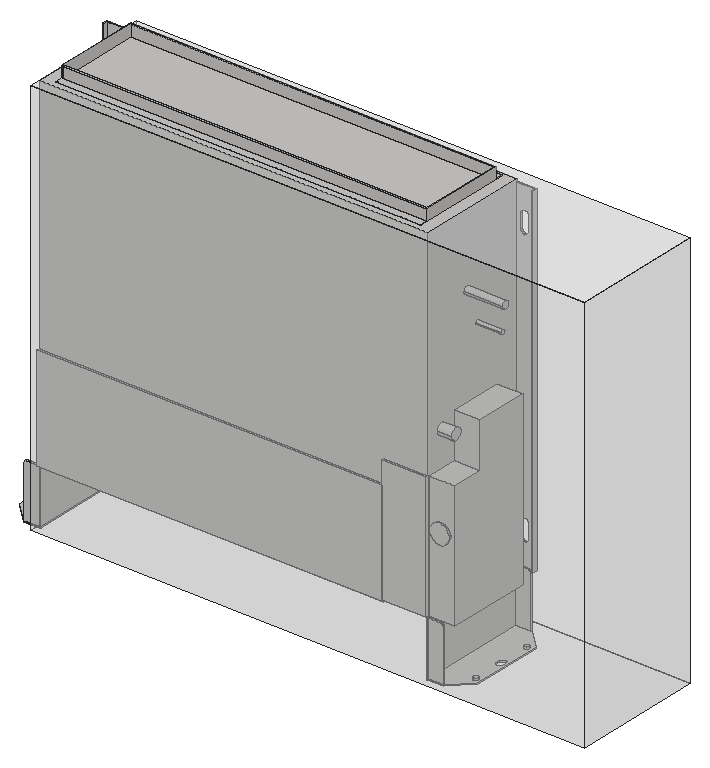
Revit family "outputfile", category 機械設備, Revit 2024
Family settings
  丸型コネクタ寸法 = 半径を使用
  パーツ タイプ = 標準
  OmniClass 番号 = 23.75.10.24.21.27.27
  OmniClass タイトル = Split System Air Conditioning Units
  作業面ベース = いいえ
  常に垂直 = はい
  ロード時にボイドで切り取り = いいえ
  注釈の向きを維持 = いいえ
  共有 = いいえ
  部屋計算ポイント = いいえ
Parameters (values of type "FXNQ32A2VEB")
  Description = ""
  製造元 = "Daikin"
  書き出し IFC クラス(タイプ) = "IfcUnitaryEquipmentType"
  定義済み IFC タイプ(タイプ) = "AIRCONDITIONINGUNIT"
  Cost = 0
  モデル = "FXNQ32A2VEB"
  Type Comments = ""
  Keynote = ""
  Type Image = (empty or 0)
  Assembly Code = ""
  w_hangerfixture = 0.0 mm
  w_dischargeflange = 662.0 mm
  r_Liquid Pipe Size = Liquid Pipe Size / 2  # 3.2 mm
  r_Gas Pipe Size = Gas Pipe Size / 2  # 6.35 mm
  w_mounting foot = 830.0 mm
  r_Drain Pipe Size = Drain Pipe Size / 2  # 10.0 mm
  h_mountinghole = [h***] + 1.6 mm  # 1.6 mm
  lh_liquidpipe = 193.0 mm
  lh_gaspipe = 130.0 mm
  lh_drainpipe = 330.0 mm
  lh_antena = 725.8 mm  # constant formula
  ld_liquidpipe = 90.0 mm
  ld_gaspipe = 114.0 mm
  ld_drainpipe = 171.0 mm
  h*** = 0.0 mm  # constant formula
  w_front suction = 601.0 mm
  d_pipe_2 = 27.3 mm  # constant formula
  d_pipe_1 = 47.6 mm  # constant formula
  d_pipe = 71.2 mm  # constant formula
  Width = 704.8 mm
  Voltage_comment_60Hz = "220"
  Voltage_comment_50Hz = "220-240"
  Voltage_60Hz = 220 V
  Voltage_50Hz = 220 V
  Version = "ver.1.0"
  Unit Type = "Concealed Floor Standing Type"
  Unit Mass Weight = 23.50 kg
  Unit Designation [instance] = ""
  Uniclass2015Version = "Products v1.30"
  Uniclass2015Title = "Variable refrigerant flow units"
  Uniclass2015Code = "Pr_70_65_03_94"
  URL = ""
  Total Heating Capacity [instance] = 0.000 kW
  Total Cooling Capacity [instance] = 0.000 kW
  Sound Pressure Level_M speed (dBA) = 0
  Sound Pressure Level_L speed (dBA) = 27
  Sound Pressure Level_H speed (dBA) = 30
  Series = "VRV Fan Coil Unit"
  Sensible Cooling Capacity [instance] = 0.000 kW
  SA Duct Size Width = 660.0 mm
  SA Duct Size Height = 154.0 mm
  Refrigerant Type = "R410A"
  Power Input (Heating) = 0.068 kW
  Power Input (Cooling) = 0.071 kW
  Phase_60Hz = 1
  Phase_50Hz = 1
  Option Accessory 3 [instance] = ""
  Option Accessory 2 [instance] = ""
  Option Accessory 1 [instance] = ""
  Nominal Heating Capacity = 4.000 kW
  Nominal Cooling Capacity = 3.600 kW
  Minimum External Static Pressure = 0.00 Pa
  Minimum Circuit Amps_60Hz = 0.4 A
  Minimum Circuit Amps_50Hz = 0.4 A
  Minimum Airflow = 384.00 m³/h
  Median Airflow = 432.00 m³/h
  Maximum Fuse Amps_60Hz = 16.0 A
  Maximum Fuse Amps_50Hz = 16.0 A
  Maximum External Static Pressure = 42.00 Pa
  Maximum Airflow = 480.00 m³/h
  Material_Casing = DAIKIN_GalvanizedSteel_Casing_indoorunit
  Load Classification = HVAC
  Liquid Pipe Size = 6.4 mm
  Link_Nested Family [instance] = ""
  IfcVersion = "0"
  IfcExportType = "AIRCONDITIONINGUNIT"
  IfcExportAs = "IfcUnitaryEquipmentType"
  Height = 623.4 mm
  Heating Entering Wet Bulb Temperature [instance] = 0.00 °C
  Heating Entering Dry Bulb Temperature [instance] = 0.00 °C
  Heating Ambient Wet Bulb Temperature [instance] = 0.00 °C
  Heating Ambient Dry Bulb Temperature [instance] = 0.00 °C
  Heat Exchanger Type = "Cross Fin Coil"
  Gas Pipe Size = 12.7 mm
  Frequency_60Hz = 60 Hz
  Frequency_50Hz = 50 Hz
  Fan Type = "Sirocco Fan"
  Fan Drive = "Direct Drive"
  FCU Tag No. [instance] = ""
  Drain Pipe Size = 20.0 mm
  Design Supply Airflow [instance] = 0.00 m³/h
  Design External Static Pressure [instance] = 0.00 Pa
  Depth = 200.0 mm
  既定の高さ = 0.0 mm
  Cooling Entering Wet Bulb Temperature [instance] = 0.00 °C
  Cooling Entering Dry Bulb Temperature [instance] = 0.00 °C
  Cooling Ambient Wet Bulb Temperature [instance] = 0.00 °C
  Cooling Ambient Dry Bulb Temperature [instance] = 0.00 °C
  Clearance visibility [instance] = yes
  Clearance Top = 0.0 mm
  Clearance Right = 300.0 mm
  Clearance Rear = 20.0 mm
  Clearance Left = 0.0 mm
  Clearance Front = 20.0 mm
  Clearance Bottom = 100.0 mm
Reference planes
  plane 1 "Back": y = 0
  plane 2: z = 0
  plane 3 "Center (Left/Right)": x = 0
  plane 4 "Center (Front/Back)": y = -100
  plane 5 "Front": y = -200
  plane 6 "Left": x = -352.4
  plane 7 "Right": x = 352.4
  plane 8 "Top": z = 726.4
  plane 9: z = 103
  plane 10 "lh_liquidpipe": z = 533.4
  plane 11 "ld_liquidpipe": y = -90
  plane 12 "ld_gaspipe": y = -114
  plane 13 "lh_gaspipe": z = 596.4
  plane 14 "lh_drainpipe": z = 396.4
  plane 15 "ld_drainpipe": y = -171
  plane 16: x = 400
  plane 17: x = 423.6
  plane 18: x = -340
  plane 19: x = 261
  plane 20: z = 111.4
  plane 21: z = 290.8
  plane 22 "lw_powersupply": x = 376.2
  plane 23 "ld_powersupply": y = -150
  plane 24: y = -10
  plane 25: y = -190
  plane 26: x = 415
  plane 27: x = -415
  plane 28: x = 379.7
  plane 29: x = -390
  plane 30: x = 390
  plane 31: z = 723
  plane 32: z = 747.6
  plane 33: z = 726.4
  plane 34: z = 3
  plane 35: x = -352.4
  plane 36: x = 652.4
  plane 37: y = -220
  plane 38: y = 20
  plane 39: x = -405
  plane 40: x = 405
  plane 41: y = -97.5
  plane 42 "Bottom": z = 0
Forms (mm)
  Extrusion 1, solid, material "DAIKIN_GalvanizedSteel_Casing_indoorunit" <- "Material_Casing"
    sketch origin (0, 0, 0) x (1, 0, 0) y (0, 1, 0)
      loop
        line (-352.4, 0) -> (-352.4, -200) -> (352.4, -200) -> (352.4, 0) -> (-352.4, 0)
    from 103 to 726.4
  Extrusion 2, solid, material "DAIKIN_GalvanizedSteel_Casing_indoorunit" <- "Material_Casing"
    sketch origin (352.4, 0, 0) x (0, -1, 0) y (0, 0, -1)
      loop
        circle (90, -533.4) r 3.2
    from 0 to 47.6
  Extrusion 3, solid, material "DAIKIN_GalvanizedSteel_Casing_indoorunit" <- "Material_Casing"
    sketch origin (352.4, 0, 0) x (0, -1, 0) y (0, 0, -1)
      loop
        circle (114, -596.4) r 6.35
    from 0 to 71.2
  Extrusion 4, solid, material "DAIKIN_GalvanizedSteel_Casing_indoorunit" <- "Material_Casing"
    sketch origin (0, -200, 0) x (-1, 0, 0) y (0, 0, 1)
      loop
        line (352.4, 290.8) -> (-271.8, 290.8) -> (-271.8, 103) -> (352.4, 103) -> (352.4, 290.8)
    from 0 to -5
  Extrusion 5, solid, material "DAIKIN_GalvanizedSteel_Casing_indoorunit" <- "Material_Casing"
    sketch origin (352.4, 0, 0) x (0, 1, 0) y (0, 0, 1)
      loop
        line (-198.4, 103.6) -> (-46, 103.6) -> (-46, 413.6) -> (-142.2, 413.6) -> (-142.2, 331.6) -> (-198.4, 331.6) -> (-198.4, 103.6)
    from 0 to 47.6
  Extrusion 6, solid, material "DAIKIN_GalvanizedSteel_Casing_indoorunit" <- "Material_Casing"
    sketch origin (0, 0, 103) x (-1, 0, 0) y (0, -1, 0)
      loop
        line (352.4, 0) -> (352.4, 200) -> (-271.8, 200) -> (-271.8, 0) -> (352.4, 0)
    from 0 to -5
  Extrusion 7, solid, material "DAIKIN_GalvanizedSteel_Casing_indoorunit" <- "Material_Casing"
    sketch origin (352.4, 0, 0) x (0, 1, 0) y (0, 0, 1)
      loop
        circle (-171, 396.4) r 10
    from 0 to 27.3
  Extrusion 8, solid, material "DAIKIN_GalvanizedSteel_Casing_indoorunit" <- "Material_Casing"
    sketch origin (0, 0, 103) x (-1, 0, 0) y (0, -1, 0)
      loop
        line (352.4, 0) -> (390, 0) -> (390, 10) -> (387.7, 10) -> (387.7, 2.3) -> (352.4, 2.3) -> (352.4, 0)
    from 0 to 620
  Extrusion 9, solid, material "DAIKIN_GalvanizedSteel_Casing_indoorunit" <- "Material_Casing"
    sketch origin (0, 0, 103) x (1, 0, 0) y (0, 1, 0)
      loop
        line (352.4, 0) -> (352.4, -2.3) -> (387.7, -2.3) -> (387.7, -10) -> (390, -10) -> (390, 0) -> (352.4, 0)
    from 0 to 620
  Extrusion 10, void
    sketch origin (-352.4, -2.3, 103) x (1, 0, 0) y (0, 0, -1)
      loop
        line (-24.6, -547) -> (-24.6, -573)
        arc (-24.6, -573) -> (-17.6, -580) -> (-10.6, -573) r 7
        line (-10.6, -573) -> (-10.6, -547)
        arc (-10.6, -547) -> (-17.6, -540) -> (-24.6, -547) r 7
      loop
        arc (729.4, -547) -> (722.4, -540) -> (715.4, -547) r 7
        line (715.4, -547) -> (715.4, -573)
        arc (715.4, -573) -> (722.4, -580) -> (729.4, -573) r 7
        line (729.4, -573) -> (729.4, -547)
      loop
        line (-24.6, -47) -> (-24.6, -73)
        arc (-24.6, -73) -> (-17.6, -80) -> (-10.6, -73) r 7
        line (-10.6, -73) -> (-10.6, -47)
        arc (-10.6, -47) -> (-17.6, -40) -> (-24.6, -47) r 7
      loop
        arc (729.4, -47) -> (722.4, -40) -> (715.4, -47) r 7
        line (715.4, -47) -> (715.4, -73)
        arc (715.4, -73) -> (722.4, -80) -> (729.4, -73) r 7
        line (729.4, -73) -> (729.4, -47)
    from 0 to 250
  Extrusion 11, solid, material "DAIKIN_GalvanizedSteel_Casing_indoorunit" <- "Material_Casing"
    sketch origin (352.4, -200, 0) x (-1, 0, 0) y (0, 0, -1)
      loop
        line (80.6, -331.6) -> (80.6, -104.6) -> (0, -104.6) -> (0, -331.6) -> (80.6, -331.6)
    from 0 to 5
  Extrusion 12, solid, material "DAIKIN_GalvanizedSteel_Casing_indoorunit" <- "Material_Casing"
    sketch origin (352.4, -198.4, 331.6) x (0, 0, -1) y (1, 0, 0)
      loop
        circle (86.6, 21.8) r 17.5
    from 0 to 2.6
Cuts and joins
  Extrusion 10 cuts Extrusion 8
  Extrusion 10 cuts Extrusion 9
Dimensions and locks
  "Height": plane 8 "Top" to plane 9
  "Depth": plane 1 "Back" to plane 5 "Front"
  equal spacing: plane 5 "Front", plane 4 "Center (Front/Back)", plane 1 "Back"
  "Width": plane 6 "Left" to plane 7 "Right"
  equal spacing: plane 6 "Left", plane 3 "Center (Left/Right)", plane 7 "Right"
  "ld_liquidpipe": plane 11 "ld_liquidpipe" to plane 1 "Back"
  "lh_liquidpipe": plane 8 "Top" to plane 10 "lh_liquidpipe"
  "ld_gaspipe": plane 12 "ld_gaspipe" to plane 1 "Back"
  "lh_gaspipe": plane 8 "Top" to plane 13 "lh_gaspipe"
  "lh_drainpipe": plane 8 "Top" to plane 14 "lh_drainpipe"
  "ld_drainpipe": plane 15 "ld_drainpipe" to plane 1 "Back"
  "d_pipe_1": plane 16 to plane 7 "Right"
  "d_pipe": plane 17 to plane 7 "Right"
  plane 21 to plane 20 to plane 9 = 179.4 mm locked, 8.4 mm locked
  locked: plane 18 to plane 29 at 50
  "w_front suction": plane 19 to plane 18
  locked: Extrusion 5 sketch curve to Extrusion 5 sketch curve at 96.2
  locked: Extrusion 5 sketch curve to Extrusion 5 sketch curve at 310
  locked: Extrusion 5 sketch curve to Extrusion 5 sketch curve at 152.4
  locked: Extrusion 5 sketch curve to Extrusion 5 sketch curve at 228
  locked: Extrusion 5 sketch curve to plane 9 at 0.6
  locked: plane 7 "Right" to plane 22 "lw_powersupply" at 23.8
  locked: plane 23 "ld_powersupply" to plane 5 "Front" at 50
  locked: plane 24 to plane 1 "Back" at 10
  locked: plane 25 to plane 5 "Front" at 10
  equal spacing: plane 26, plane 3 "Center (Left/Right)", plane 27
  "w_mounting foot": plane 26 to plane 27
  locked: Extrusion 5 sketch curve to plane 1 "Back" at 46
  "d_pipe_2": plane 28 to plane 7 "Right"
  locked: plane 30 to plane 7 "Right" at 37.6
  locked: plane 6 "Left" to plane 29 at 37.6
  locked: Extrusion 10 sketch curve to Extrusion 10 sketch curve at 14  (x6)
  locked: Extrusion 10 sketch curve to Extrusion 10 sketch curve at 26  (x6)
  locked: plane 8 "Top" to plane 31 at 3.4
  locked: cut or joined group of Extrusion 8, Extrusion 10 to Extrusion 10 sketch curve at 17.6
  locked: cut or joined group of Extrusion 8, Extrusion 10 to Extrusion 10 sketch curve at 47
  locked: Extrusion 9 to Extrusion 10 sketch curve at 47
  locked: Extrusion 10 sketch curve to Extrusion 1 at 17.6  (x3)
  locked: Extrusion 10 sketch curve to Extrusion 10 sketch curve at 474  (x2)
  locked: plane 32 to plane 8 "Top" at 21.2
  "Clearance Right": plane 36 to plane 7 "Right"
  "Clearance Left": plane 6 "Left" to plane 35
  "Clearance Bottom": plane 9 to plane 34
  "Clearance Top": plane 33 to plane 8 "Top"
  "Clearance Front": plane 5 "Front" to plane 37
  "Clearance Rear": plane 1 "Back" to plane 38
  locked: plane 27 to plane 39 at 10
  locked: plane 40 to plane 26 at 10
  locked: plane 41 to plane 4 "Center (Front/Back)" at 2.5
  "h***": plane 42 "Bottom" to plane 2
  locked: plane 9 to plane 42 "Bottom" at 103
  locked: Extrusion 11 sketch curve to Extrusion 11 sketch curve at 227
  locked: Extrusion 11 sketch curve to Extrusion 11 sketch curve at 80.6
  locked: Extrusion 11 sketch curve to plane 9 at 1.6
  locked: Extrusion 12 sketch curve to plane 9 at 142
  locked: Extrusion 12 sketch curve to plane 7 "Right" at 21.8
  "Liquid Pipe Size": diameter of Extrusion 2 sketch curve
  "Gas Pipe Size": diameter of Extrusion 3 sketch curve
  "Drain Pipe Size": diameter of Extrusion 7 sketch curve
  aligned and locked: level to plane 2
  aligned and locked: plane 1 "Back" to Extrusion 1 sketch curve
  aligned and locked: plane 6 "Left" to Extrusion 1 sketch curve
  aligned and locked: plane 5 "Front" to Extrusion 1 sketch curve
  aligned and locked: Extrusion 1 sketch curve to plane 7 "Right"
  aligned and locked: plane 8 "Top" to Extrusion 1
  aligned and locked: Extrusion 1 to plane 9
  aligned and locked: plane 9 to nested 1
  aligned and locked: nested 1 to plane 4 "Center (Front/Back)"
  aligned and locked: plane 4 "Center (Front/Back)" to nested 2
  aligned and locked: nested 2 to plane 9
  aligned and locked: plane 11 "ld_liquidpipe" to Extrusion 2 sketch curve
  aligned and locked: plane 10 "lh_liquidpipe" to Extrusion 2 sketch curve
  aligned and locked: plane 16 to Extrusion 2
  aligned and locked: plane 13 "lh_gaspipe" to Extrusion 3 sketch curve
  aligned and locked: plane 12 "ld_gaspipe" to Extrusion 3 sketch curve
  aligned and locked: plane 17 to Extrusion 3
  aligned and locked: plane 21 to Extrusion 4 sketch curve
  aligned and locked: plane 5 "Front" to Extrusion 4
  aligned and locked: plane 22 "lw_powersupply" to nested 3
  aligned and locked: plane 23 "ld_powersupply" to nested 3
  aligned and locked: plane 9 to Extrusion 6
  aligned and locked: nested 1 to plane 26
  aligned and locked: nested 2 to plane 27
  aligned and locked: plane 16 to Extrusion 5
  aligned and locked: Extrusion 5 to nested 3
  aligned and locked: plane 14 "lh_drainpipe" to Extrusion 7 sketch curve
  aligned and locked: plane 15 "ld_drainpipe" to Extrusion 7 sketch curve
  aligned and locked: plane 28 to Extrusion 7
  aligned and locked: nested 4 to plane 12 "ld_gaspipe"
  aligned and locked: nested 4 to Extrusion 3
  aligned and locked: nested 5 to Extrusion 2
  aligned and locked: Extrusion 7 to plane 7 "Right"
  aligned and locked: nested 4 to plane 13 "lh_gaspipe"
  aligned and locked: nested 5 to plane 10 "lh_liquidpipe"
  aligned and locked: nested 6 to plane 15 "ld_drainpipe"
  aligned and locked: plane 28 to nested 6
  aligned and locked: nested 6 to plane 14 "lh_drainpipe"
  aligned and locked: Extrusion 8 to plane 9
  aligned and locked: plane 30 to Extrusion 9
  aligned and locked: Extrusion 9 to plane 7 "Right"
  aligned and locked: Extrusion 8 to plane 29
  aligned and locked: Extrusion 9 to plane 9
  aligned and locked: plane 31 to cut or joined group of Extrusion 8, Extrusion 10
  aligned and locked: plane 31 to Extrusion 9
  aligned and locked: plane 8 "Top" to nested 7
  aligned and locked: nested 7 to plane 32
  aligned and locked: plane 3 "Center (Left/Right)" to nested 7
  aligned and locked: nested 8 to plane 38
  aligned and locked: nested 8 to plane 37
  aligned and locked: plane 33 to nested 8
  aligned and locked: plane 34 to nested 8
  aligned and locked: plane 35 to nested 8
  aligned and locked: plane 36 to nested 8
  aligned and locked: nested 9 to plane 4 "Center (Front/Back)"
  aligned and locked: plane 40 to nested 9
  aligned and locked: nested 10 to plane 4 "Center (Front/Back)"
  aligned and locked: plane 39 to nested 10
  aligned and locked: plane 41 to nested 7
  aligned and locked: Extrusion 11 sketch curve to plane 7 "Right"
  aligned and locked: plane 6 "Left" to Extrusion 4 sketch curve
  aligned and locked: plane 9 to Extrusion 4 sketch curve
  aligned and locked: Extrusion 11 to Extrusion 4 sketch curve
  aligned and locked: plane 1 "Back" to Extrusion 6 sketch curve
  aligned and locked: plane 5 "Front" to Extrusion 6 sketch curve
  aligned and locked: Extrusion 6 to plane 6 "Left"
  aligned and locked: Extrusion 6 to Extrusion 11
Automatic sketch dimensions
  Extrusion 1 sketch curve to plane 5 "Front" = 0.0 mm
  plane 1 "Back" to Extrusion 8 sketch curve = 0.0 mm
  Extrusion 8 sketch curve to plane 6 "Left" = 0.0 mm
  plane 24 to Extrusion 8 sketch curve = 0.0 mm
  Extrusion 8 sketch curve to plane 29 = 0.0 mm
  plane 29 to Extrusion 8 sketch curve = 2.3 mm
  plane 1 "Back" to Extrusion 8 sketch curve = 2.3 mm
  plane 1 "Back" to Extrusion 9 sketch curve = 0.0 mm
  Extrusion 9 sketch curve to plane 7 "Right" = 0.0 mm
  plane 24 to Extrusion 9 sketch curve = 0.0 mm
  Extrusion 9 sketch curve to plane 30 = 0.0 mm
  Extrusion 9 sketch curve to plane 30 = 2.3 mm
  plane 1 "Back" to Extrusion 9 sketch curve = 2.3 mm
  plane 27 to Extrusion 6 sketch curve = 62.6 mm
  Extrusion 6 sketch curve to plane 36 = 380.6 mm
  radius of Extrusion 12 sketch curve = 17.5 mm
Nested families
  nested 1: "daikin_hangerfixture_FXNQ-A2VEB" at (415, -100, 103) x (0, -1, 0) z (0, 0, 1), type "daikin_hangerfixture_FXNQ-A2VEB"
  nested 2: "daikin_hangerfixture_FXNQ-A2VEB" at (-415, -100, 103) x (0, -1, 0) z (0, 0, 1), type "daikin_hangerfixture_FXNQ-A2VEB"
  nested 3: "daikin_connector_rotate2" at (376.2, -150, 153.6) x (1, 0, 0) z (0, -1, 0), type "daikin_connector_rotate2"
    with radius 10.0 mm, length 50.0 mm, angle_vertical 90.00°, show_face no
  nested 4: "daikin_connector_rotate2" at (352.45, -114, 596.4) x (0, 1, 0) z (0, 0, 1), radius <- "r_Gas Pipe Size", type "daikin_connector_rotate2"
    with radius 6.35 mm, length 71.15 mm, angle_vertical 90.00°, show_face no
  nested 5: "daikin_connector_rotate2" at (352.4, -90, 533.4) x (0, 1, 0) z (0, 0, 1), radius <- "r_Liquid Pipe Size", type "daikin_connector_rotate2"
    with radius 3.2 mm, length 47.6 mm, angle_vertical 90.00°, show_face no
  nested 6: "daikin_connector_rotate2" at (352.4, -171, 396.4) x (0, 1, 0) z (0, 0, 1), radius <- "r_Drain Pipe Size", type "daikin_connector_rotate2"
    with radius 10.0 mm, length 27.3 mm, angle_vertical 90.00°, show_face no
  nested 7: "daikin_ductflange_FXNQ-A2VEB" at (0, -189, 726.4) x (1, 0, 0) z (0, 1, 0), width <- "w_dischargeflange", material <- "Material_Casing", type "daikin_ductflange_FXNQ-A2VEB"
    with width 662.0 mm, material DAIKIN_GalvanizedSteel_Casing_indoorunit, height 183.0 mm, depth 21.2 mm
  nested 8: "daikin_clearancespace" at (150, -100, 364.819), visible <- "Clearance visibility", show <- "Clearance visibility", Link_Nested Family <- "Link_Nested Family", type "daikin_clearancespace"
    with width 1004.8 mm, show yes, height 723.4 mm, depth 240.0 mm, Link_Nested Family ""
  nested 9: "daikin_mountinghole" at (405, -100, 0), Link_Nested Family <- "Link_Nested Family", h_mountinghole <- "h_mountinghole", l_antenna <- "lh_antena", type "daikin_mountinghole"
    with show yes, l_antenna 725.8 mm, h_mountinghole 1.6 mm, Link_Nested Family ""
  nested 10: "daikin_mountinghole" at (-405, -100, 0), Link_Nested Family <- "Link_Nested Family", h_mountinghole <- "h_mountinghole", l_antenna <- "lh_antena", type "daikin_mountinghole"
    with show yes, l_antenna 725.8 mm, h_mountinghole 1.6 mm, Link_Nested Family ""
Connectors
  electrical at (376.2, -150, 103.6), driven by "Load Classification"
    settings: on nested 3, index 4, voltage 0 V, apparent load 0 VA, apparent load phase1 0 VA, apparent load phase2 0 VA, apparent load phase3 0 VA, power factor 1, load classification "HVAC", number of poles 1, system type 30, power factor state 1, is connector primary yes, connector utility no, sub classification motor no, connector description "Power Supply"
  piping at (423.6, -114, 596.4), diameter 12.7, driven by "r_Gas Pipe Size"
    settings: on nested 4, index 6, connector inside diameter 609.6 mm, connector length 0.0 mm, flow factor 0, pipe flow 0.00 m³/h, pressure drop 0.0 Pa, fitting loss kfactor 0, connector angle 0.00°, fixture units 0, engagement length 0.0 mm, angle of deflection 0.00°, flow configuration 1, flow direction 2, fitting loss method 0, system type 29, joint type 0, gender type 0, connector reference index -1, connector utility 0, adjustable connector no, is connector primary yes, connector description "Refrigerant Gas Piping"
  piping at (400, -90, 533.4), diameter 6.4, driven by "r_Liquid Pipe Size"
    settings: on nested 5, index 7, connector inside diameter 609.6 mm, connector length 0.0 mm, flow factor 0, pipe flow 0.00 m³/h, pressure drop 0.0 Pa, fitting loss kfactor 0, connector angle 0.00°, fixture units 0, engagement length 0.0 mm, angle of deflection 0.00°, flow configuration 1, flow direction 1, fitting loss method 0, system type 29, joint type 0, gender type 0, connector reference index -1, connector utility 0, adjustable connector no, is connector primary no, connector description "Refrigerant Liquid Piping"
  piping at (379.7, -171, 396.4), diameter 20, driven by "r_Drain Pipe Size"
    settings: on nested 6, index 8, connector inside diameter 609.6 mm, connector length 0.0 mm, flow factor 0, pipe flow 0.00 m³/h, pressure drop 0.0 Pa, fitting loss kfactor 0, connector angle 0.00°, fixture units 0, engagement length 0.0 mm, angle of deflection 0.00°, flow configuration 1, flow direction 2, fitting loss method 4, system type 16, joint type 0, gender type 0, connector reference index -1, connector utility 0, adjustable connector no, is connector primary no, connector description "Condensate Drain Piping"
  hvac at (0, -97.5, 747.6), driven by "SA Duct Size Width", driven by "SA Duct Size Height"
    settings: on nested 7, index 9, duct flow 0.00 m³/h, flow factor 0, pres drop 0.00 Pa, loss coef 0, conn angle 0.00°, conn width 660.0 mm, conn height 154.0 mm, conn diameter 609.6 mm, duct sys type 1, conn prof type 1, flow config 0, flow direction 2, loss method 4, conn ref index -1, conn util no, is conn primary yes, conn desc "SA Duct"
Definition of nested family "daikin_hangerfixture_FXNQ-A2VEB"
  Parameters (values of type "daikin_hangerfixture_FXNQ-A2VEB")
    width = 200.0 mm
    material = none
    height = 103.0 mm
    depth = 84.2 mm
    Default Elevation = 0.0 mm
  Reference planes
    plane 1 "Center (Front/Back)": y = 0
    plane 2: z = 0
    plane 3 "Center (Left/Right)": x = 0
    plane 4: y = -84.2
    plane 5: x = -100
    plane 6: x = 100
    plane 7: z = -103
    plane 8: x = 98.4
    plane 9: x = -98.4
  Forms (mm)
    Extrusion 1, solid, material <- "material"
      sketch origin (0, 0, 0) x (0, 1, 0) y (0, 0, 1)
        loop
          line (-84.2, 0) -> (-84.2, -1.6) -> (-65.2, -1.6) -> (-65.2, -101.4)
          arc (-65.2, -101.4) -> (-64.731, -102.531) -> (-63.6, -103) r 1.6
          line (-63.6, -103) -> (0, -103) -> (0, -101.4) -> (-63.6, -101.4) -> (-63.6, 0) -> (-84.2, 0)
      from -100 to 100
    Extrusion 2, void
      sketch origin (0, 0, -101.4) x (1, 0, 0) y (0, -1, 0)
        loop
          line (-100, 0) -> (-66, 0) -> (-100, 34) -> (-100, 0)
        loop
          line (100, 0) -> (100, 34) -> (66, 0) -> (100, 0)
        loop
          line (-3, 4) -> (3, 4)
          arc (3, 4) -> (9, 10) -> (3, 16) r 6
          line (3, 16) -> (-3, 16)
          arc (-3, 16) -> (-9, 10) -> (-3, 4) r 6
      from 0 to 1.6
    Extrusion 3, solid, material <- "material"
      sketch origin (0, 0, 0) x (0, 1, 0) y (0, 0, 1)
        loop
          line (-63.6, -1.8) -> (-63.6, -101.4) -> (-35, -101.4) -> (-35, -6.8)
          arc (-35, -6.8) -> (-36.464, -3.264) -> (-40, -1.8) r 5
          line (-40, -1.8) -> (-63.6, -1.8)
      from 98.4 to 100
    Extrusion 4, solid, material <- "material"
      sketch origin (-265, -1.4, 0) x (0, 1, 0) y (0, 0, 1)
        loop
          line (-62.2, -1.8) -> (-62.2, -101.4) -> (-33.6, -101.4) -> (-33.6, -7.36)
          arc (-33.6, -7.36) -> (-35.228, -3.428) -> (-39.16, -1.8) r 5.56
          line (-39.16, -1.8) -> (-62.2, -1.8)
      from 165 to 166.6
    Extrusion 5, solid, material <- "material"
      sketch origin (0, 0, -101.4) x (0, -1, 0) y (1, 0, 0)
        loop
          circle (10, -57.85) r 4.1
        loop
          circle (10, 57.85) r 4.1
      from 0 to 2.6
    Extrusion 6, solid, material <- "material"
      sketch origin (0, 0, 0) x (1, 0, 0) y (0, 0, 1)
        loop
          line (-63.4, 25.35) -> (-72.9, 25.35)
          arc (-72.9, 25.35) -> (-76.436, 23.886) -> (-77.9, 20.35) r 5
          line (-77.9, 20.35) -> (-77.9, 0) -> (-58.4, 0) -> (-58.4, 20.35)
          arc (-58.4, 20.35) -> (-59.864, 23.886) -> (-63.4, 25.35) r 5
        loop
          circle (-68.15, 15.6) r 6
      from 63.6 to 65.2
  Cuts and joins
    Extrusion 2 cuts Extrusion 1
  Dimensions and locks
    "width": plane 5 to plane 6
    "depth": plane 4 to plane 1 "Center (Front/Back)"
    equal spacing: plane 5, plane 3 "Center (Left/Right)", plane 6
    "height": level to plane 7
    locked: Extrusion 3 sketch curve to Extrusion 3 sketch curve at 99.6
    locked: Extrusion 3 sketch curve to Extrusion 3 sketch curve at 28.6
    locked: plane 8 to plane 6 at 1.6
    locked: plane 5 to plane 9 at 1.6
    locked: Extrusion 4 sketch curve to Extrusion 4 sketch curve at 99.6
    locked: Extrusion 4 sketch curve to Extrusion 4 sketch curve at 28.6
    locked: Extrusion 5 sketch curve to plane 6 at 42.15
    locked: plane 5 to Extrusion 5 sketch curve at 42.15
    locked: Extrusion 5 sketch curve to plane 1 "Center (Front/Back)" at 10  (x2)
    locked: Extrusion 6 sketch curve to Extrusion 6 sketch curve at 25.35
    locked: Extrusion 6 sketch curve to Extrusion 6 sketch curve at 19.5
    locked: Extrusion 6 sketch curve to plane 5 at 22.1
    locked: Extrusion 6 sketch curve to Extrusion 6 sketch curve at 9.75
    radius of Extrusion 3 sketch curve = 5.0 mm
    radius of Extrusion 4 sketch curve = 5.56 mm
    radius of Extrusion 5 sketch curve = 4.1 mm  (x2)
    aligned and locked: level to plane 2
    aligned and locked: Extrusion 1 to plane 5
    aligned and locked: plane 6 to Extrusion 1
    aligned and locked: Extrusion 1 to plane 1 "Center (Front/Back)"
    aligned and locked: Extrusion 1 to plane 4
    aligned and locked: cut or joined group of Extrusion 1, Extrusion 2 to Extrusion 3 sketch curve  (x2)
    aligned and locked: plane 6 to Extrusion 3
    aligned and locked: Extrusion 3 to plane 8
    aligned and locked: Extrusion 4 to plane 5
    aligned and locked: plane 9 to Extrusion 4
    aligned and locked: Extrusion 4 to cut or joined group of Extrusion 1, Extrusion 2
    aligned and locked: level to Extrusion 6 sketch curve
    aligned and locked: cut or joined group of Extrusion 1, Extrusion 2 to Extrusion 6  (x2)
  Automatic sketch dimensions
    Extrusion 1 sketch curve to plane 4 = 0.0 mm
    Extrusion 1 sketch curve to plane 7 = 0.0 mm
    Extrusion 1 sketch curve to plane 1 "Center (Front/Back)" = 0.0 mm
    Extrusion 1 sketch curve to Extrusion 1 sketch curve = 0.0 mm  (x2)
    Extrusion 2 sketch curve to Extrusion 1 = 0.0 mm  (x2)
    Extrusion 1 to Extrusion 2 sketch curve = 0.0 mm  (x2)
    Extrusion 1 to Extrusion 2 sketch curve = 34.0 mm  (x2)
    Extrusion 1 to Extrusion 2 sketch curve = 10.0 mm
    Extrusion 2 sketch curve to Extrusion 2 sketch curve = 63.0 mm
    Extrusion 2 sketch curve to Extrusion 2 sketch curve = 6.0 mm  (x2)
    Extrusion 2 sketch curve to Extrusion 1 = 29.6 mm  (x2)
    Extrusion 4 sketch curve to level = 1.8 mm
    plane 4 to Extrusion 4 sketch curve = 20.6 mm
    Extrusion 6 sketch curve to Extrusion 6 sketch curve = 5.0 mm  (x2)
    Extrusion 6 sketch curve to Extrusion 6 sketch curve = 4.75 mm
    Extrusion 1 sketch curve to level = 1.6 mm
    plane 4 to Extrusion 1 sketch curve = 19.0 mm
    Extrusion 1 sketch curve to Extrusion 1 sketch curve = 1.6 mm
    Extrusion 1 sketch curve to level = 0.0 mm
    radius of Extrusion 6 sketch curve = 6.0 mm
Definition of nested family "daikin_ductflange_FXNQ-A2VEB"
  Parameters (values of type "daikin_ductflange_Exhaust Duct")
    width [instance] = 662.0 mm
    material [instance] = none
    height [instance] = 183.0 mm
    depth [instance] = 21.2 mm
    Default Elevation = 0.0 mm
  Reference planes
    plane 1 "Center (Front/Back)": y = 0
    plane 2: z = 0
    plane 3 "Center (Left/Right)": x = 0
    plane 4: y = -21.2
    plane 5: x = -331
    plane 6: x = 331
    plane 7 "Top": z = 183
    plane 8: y = -1
    plane 9: z = 168.5
    plane 10: z = 14.5
    plane 11 "Center (Elevation)": z = 91.5
    plane 12: x = -330
    plane 13: x = 330
  Forms (mm)
    Extrusion 1, solid, material <- "material"
      sketch origin (0, 0, 0) x (1, 0, 0) y (0, 0, 1)
        loop
          line (-331, 183) -> (-331, 0) -> (331, 0) -> (331, 183) -> (-331, 183)
        loop
          line (-330, 168.5) -> (-330, 14.5) -> (330, 14.5) -> (330, 168.5) -> (-330, 168.5)
      from 0 to 1
    Extrusion 2, solid, material <- "material"
      sketch origin (0, 0, 0) x (1, 0, 0) y (0, 1, 0)
        loop
          line (-331, -1) -> (-331, -21.2) -> (-330, -21.2) -> (-330, -1) -> (-331, -1)
        loop
          line (330, -1) -> (330, -21.2) -> (331, -21.2) -> (331, -1) -> (330, -1)
      from 14.5 to 168.5
    Extrusion 3, solid, material <- "material"
      sketch origin (0, 0, 0) x (0, 1, 0) y (0, 0, 1)
        loop
          line (-1, 168.5) -> (-1, 169.458) -> (-21.2, 169.458) -> (-21.2, 168.5) -> (-1, 168.5)
        loop
          line (-1, 14.5) -> (-21.2, 14.5) -> (-21.2, 13.542) -> (-1, 13.542) -> (-1, 14.5)
      from -331 to 331
  Cuts and joins
    joined: Extrusion 1, Extrusion 2, Extrusion 3
  Dimensions and locks
    "height": plane 7 "Top" to plane 2
    "width": plane 5 to plane 6
    equal spacing: plane 5, plane 3 "Center (Left/Right)", plane 6
    "depth": plane 1 "Center (Front/Back)" to plane 4
    locked: plane 8 to plane 1 "Center (Front/Back)" at 1
    locked: plane 7 "Top" to plane 9 at 14.5
    locked: plane 10 to plane 2 at 14.5
    equal spacing: plane 7 "Top", plane 11 "Center (Elevation)", plane 2
    locked: Extrusion 3 sketch curve to Extrusion 2 at 0.958  (x2)
    locked: plane 7 "Top" to Extrusion 1 sketch curve at 14.5
    locked: Extrusion 1 sketch curve to plane 2 at 14.5
    locked: plane 12 to plane 5 at 1
    locked: plane 6 to plane 13 at 1
    aligned and locked: level to plane 2
    aligned and locked: Extrusion 1 sketch curve to plane 7 "Top"
    aligned and locked: plane 5 to Extrusion 1 sketch curve
    aligned and locked: Extrusion 1 sketch curve to plane 6
    aligned and locked: plane 2 to Extrusion 1 sketch curve
    aligned and locked: Extrusion 1 to plane 8
    aligned and locked: plane 9 to Extrusion 2
    aligned and locked: Extrusion 2 to plane 10
    aligned and locked: plane 8 to Extrusion 3 sketch curve
    aligned and locked: Extrusion 3 sketch curve to plane 9
    aligned and locked: Extrusion 3 sketch curve to plane 8
    aligned and locked: Extrusion 3 sketch curve to plane 10
    aligned and locked: Extrusion 3 to plane 5
    aligned and locked: plane 6 to Extrusion 3
    aligned and locked: plane 4 to Extrusion 3 sketch curve
    aligned and locked: Extrusion 3 sketch curve to plane 4
    aligned and locked: plane 5 to Extrusion 2 sketch curve
    aligned and locked: Extrusion 2 sketch curve to plane 12
    aligned and locked: Extrusion 2 sketch curve to plane 6
    aligned and locked: plane 13 to Extrusion 2 sketch curve
    aligned and locked: Extrusion 2 sketch curve to plane 8
    aligned and locked: plane 4 to Extrusion 2 sketch curve
    aligned and locked: plane 12 to Extrusion 1 sketch curve
    aligned and locked: Extrusion 1 sketch curve to plane 13
  Automatic sketch dimensions
    Extrusion 2 sketch curve to plane 4 = 0.0 mm
    Extrusion 2 sketch curve to plane 8 = 0.0 mm
Definition of nested family "daikin_clearancespace"
  Parameters (values of type "daikin_clearancespace")
    width [instance] = 1823.963 mm
    show [instance] = yes
    material = none
    height [instance] = 1359.762 mm
    depth [instance] = 880.0 mm
    Default Elevation = 0.0 mm
    Link_Nested Family [instance] = ""
  Reference planes
    plane 1 "Center (Front/Back)": y = 0
    plane 2 "Center (Elevation)": z = -0.119
    plane 3 "Center (Left/Right)": x = 0
    plane 4: y = 440
    plane 5: y = -440
    plane 6 "Right": x = 911.982
    plane 7 "Left": x = -911.982
    plane 8 "Top": z = 679.762
    plane 9 "Bottom": z = -680
  Forms (mm)
    Extrusion 1, solid, material <- "material", visible <- "show"
      sketch origin (0, 0, 0) x (1, 0, 0) y (0, 1, 0)
        loop
          line (-911.982, 440) -> (-911.982, -440) -> (911.982, -440) -> (911.982, 440) -> (-911.982, 440)
      from -680 to 679.762
  Lines and regions (mm)
    symbolic lines, visible <- "show"
      curve 1: line (911.982, 440, 0) -> (-911.982, 440, 0)
      curve 2: line (-911.982, 440, 0) -> (-911.982, -440, 0)
      curve 3: line (-911.982, -440, 0) -> (911.982, -440, 0)
      curve 4: line (911.982, -440, 0) -> (911.982, 440, 0)
      curve 5: line (911.982, 0, 679.762) -> (-911.982, 0, 679.762)
      curve 6: line (911.982, 0, -680) -> (911.982, 0, 679.762)
      curve 7: line (-911.982, 0, -680) -> (911.982, 0, -680)
      curve 8: line (-911.982, 0, 679.762) -> (-911.982, 0, -680)
      curve 9: line (0, 440, 679.762) -> (0, -440, 679.762)
      curve 10: line (0, -440, 679.762) -> (0, -440, -680)
      curve 11: line (0, 440, -680) -> (0, 440, 679.762)
      curve 12: line (0, -440, -680) -> (0, 440, -680)
  Dimensions and locks
    "width": plane 7 "Left" to plane 6 "Right"
    "depth": plane 4 to plane 5
    "height": plane 8 "Top" to plane 9 "Bottom"
    equal spacing: plane 7 "Left", plane 3 "Center (Left/Right)", plane 6 "Right"
    equal spacing: plane 4, plane 1 "Center (Front/Back)", plane 5
    equal spacing: plane 8 "Top", plane 2 "Center (Elevation)", plane 9 "Bottom"
    aligned and locked: level to plane 2 "Center (Elevation)"
    aligned and locked: Extrusion 1 sketch curve to plane 4
    aligned and locked: plane 7 "Left" to Extrusion 1 sketch curve
    aligned and locked: Extrusion 1 sketch curve to plane 5
    aligned and locked: Extrusion 1 sketch curve to plane 6 "Right"
    aligned and locked: plane 8 "Top" to Extrusion 1
    aligned and locked: curve 1 to Extrusion 1
    aligned and locked: curve 2 to Extrusion 1
    aligned and locked: curve 3 to Extrusion 1
    aligned and locked: curve 4 to Extrusion 1
    aligned and locked: curve 5 to Extrusion 1
    aligned and locked: curve 6 to Extrusion 1
    aligned and locked: curve 7 to Extrusion 1
    aligned and locked: curve 8 to Extrusion 1
    aligned and locked: curve 9 to Extrusion 1
    aligned and locked: curve 10 to Extrusion 1
    aligned and locked: curve 11 to Extrusion 1
    aligned and locked: curve 12 to Extrusion 1
    aligned and locked: Extrusion 1 to plane 9 "Bottom"
Definition of nested family "daikin_connector_rotate2"
  Parameters (values of type "daikin_connector_rotate2")
    show_face = yes
    radius [instance] = 10.0 mm
    length [instance] = 600.0 mm
    d_surface = 10.0 mm
    angle_vertical [instance] = 90.00°
    Default Elevation = 0.0 mm
  Reference planes
    plane 1 "Center (Front/Back)": y = 0
    plane 2: z = 0
    plane 3 "Center (Left/Right)": x = 0
  Forms (mm)
    Extrusion 1, solid, visible <- "show_face"
      sketch origin (0, -600, 0) x (1, 0, 0) y (0, 0, 1)
        loop
          circle (0, 0) r 10
      from 0 to -10
  Lines and regions (mm)
    reference lines
      curve 1: line (0, 0, 0) -> (0, -600, 0)
    symbolic lines
      curve 2: circle (0, 0, 0) r 5 normal (0, 0, 1)
    model lines, visible <- "show_face"
      curve 3: line (0, 0, 0) -> (0, -600, 0)
  Dimensions and locks
    "length": curve 1 to curve 1
    "length": curve 3 to curve 3
    "d_surface": Extrusion 1 to Extrusion 1
    "radius": radius of Extrusion 1 sketch curve
    "angle_vertical": angle curve 1 to plane 1 "Center (Front/Back)"
    "angle_vertical": angle curve 3 to plane 1 "Center (Front/Back)"
    aligned and locked: level to plane 2
    aligned and locked: plane 1 "Center (Front/Back)" to curve 1
    aligned and locked: plane 2 to curve 1
    aligned and locked: plane 1 "Center (Front/Back)" to curve 2
    aligned and locked: plane 3 "Center (Left/Right)" to curve 2
    aligned and locked: plane 1 "Center (Front/Back)" to curve 3
    aligned and locked: plane 2 to curve 3
    aligned and locked: Extrusion 1 to Extrusion 1
  Automatic sketch dimensions
    Extrusion 1 sketch curve to level = 0.0 mm
    Extrusion 1 sketch curve to plane 3 "Center (Left/Right)" = 0.0 mm
    radius of curve 2 = 5.0 mm
Definition of nested family "daikin_mountinghole"
  Parameters (values of type "daikin_mountinghole")
    Default Elevation = 1219.2 mm
    Type Comments = "mountinghole"
    show [instance] = yes
    material = none
    l_centerline = 100.0 mm
    l_antenna [instance] = 100.0 mm
    h_mountinghole [instance] = 0.0 mm
    d_circle = 30.0 mm
    Link_Nested Family [instance] = ""
  Reference planes
    plane 1 "Center (Front/Back)": y = 0
    plane 2: z = 0
    plane 3 "Center (Left/Right)": x = 0
    plane 4: y = 50
    plane 5: x = -50
    plane 6: x = 50
    plane 7: y = -50
    plane 8 "h_mountinghole": z = 0
    plane 9: z = 100
  Lines and regions (mm)
    model lines, detail levels fine
      curve 1: circle (0, 0, 0) r 15 normal (0, 0, 1)
      curve 2: line (-50, 0, 0) -> (50, 0, 0)
      curve 3: line (0, 50, 0) -> (0, -50, 0)
    symbolic lines, detail levels fine
      curve 4: circle (0, 0, 0) r 15 normal (0, 0, 1)
      curve 5: line (-50, 0, 0) -> (50, 0, 0)
      curve 6: line (0, 50, 0) -> (0, -50, 0)
    model lines
      curve 7: line (0, 0, 100) -> (0, 0, 0)
  Dimensions and locks
    equal spacing: plane 4, plane 1 "Center (Front/Back)", plane 7
    "l_centerline": plane 4 to plane 7
    equal spacing: plane 5, plane 3 "Center (Left/Right)", plane 6
    "l_centerline": plane 5 to plane 6
    "l_antenna": plane 9 to plane 8 "h_mountinghole"
    "h_mountinghole": plane 8 "h_mountinghole" to plane 2
    "d_circle": diameter of curve 1
    "d_circle": diameter of curve 4
    aligned and locked: level to plane 2
    aligned and locked: plane 1 "Center (Front/Back)" to curve 1
    aligned and locked: plane 3 "Center (Left/Right)" to curve 1
    aligned and locked: plane 1 "Center (Front/Back)" to curve 2
    aligned and locked: curve 3 to plane 3 "Center (Left/Right)"
    aligned and locked: plane 6 to curve 2
    aligned and locked: plane 5 to curve 2
    aligned and locked: plane 4 to curve 3
    aligned and locked: plane 7 to curve 3
    aligned and locked: plane 1 "Center (Front/Back)" to curve 4
    aligned and locked: plane 3 "Center (Left/Right)" to curve 4
    aligned and locked: plane 6 to curve 5
    aligned and locked: plane 5 to curve 5
    aligned and locked: plane 1 "Center (Front/Back)" to curve 5
    aligned and locked: plane 4 to curve 6
    aligned and locked: plane 7 to curve 6
    aligned and locked: curve 6 to plane 3 "Center (Left/Right)"
    aligned and locked: curve 7 to plane 3 "Center (Left/Right)"
    aligned and locked: plane 9 to curve 7
    aligned and locked: plane 8 "h_mountinghole" to curve 7
